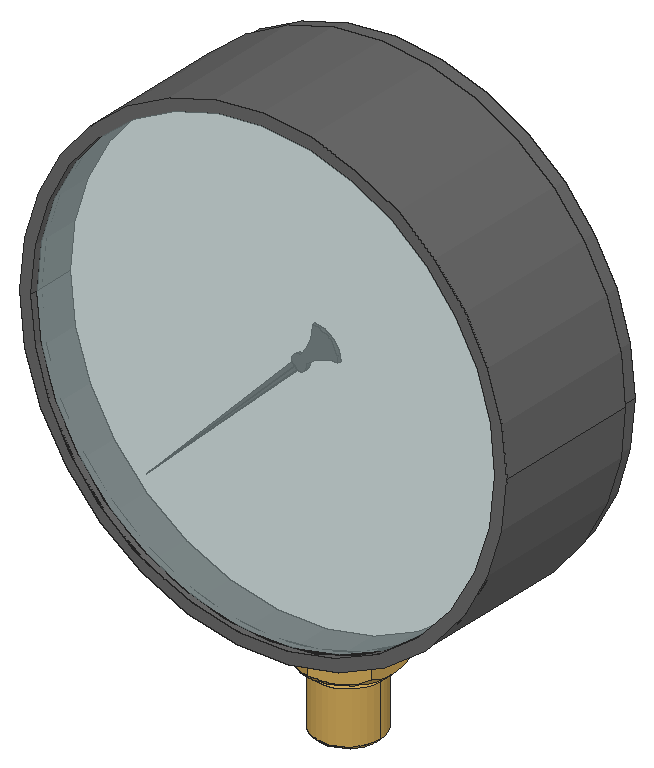
Revit family "РОСМА_МанометрТочныхИзмерений", category Арматура трубопроводов, Revit 2018
Family settings
  Размер круглого соединителя = Использовать диаметр
  Тип детали = Вставляется
  На основе рабочей плоскости = Нет
  Всегда вертикально = Да
  При загрузке вырезать с полостями = Нет
  Общий = Нет
Parameters (values of type "610")
  Техническая документация = "ТУ 4212-001-4719015564-2008; ГОСТ 2405–88"
  Температура рабочей среды = "от -30°С до +100°С"
  Температура окружающей среды = "от -60°С до +60°С"
  Kласс точности [instance] = if(Класс точности = КлассТочности01, "0,4", if(Класс точности = КлассТочности02, "0,6", if(Класс точности = КлассТочности03, "1,0", "Не определено")))  # "0,6"
  Table = "спец_МТИ"  # constant formula
  Счетчик списка [instance] = if(Диапазон давлений = Давление01, 1, if(Диапазон давлений = Давление02, 2, if(Диапазон давлений = Давление03, 3, if(Диапазон давлений = Давление04, 4, if(Диапазон давлений = Давление05, 5, if(Диапазон давлений = Давление06, 6, if(Диапазон давлений = Давление07, 7, if(Диапазон давлений = Давление08, 8, if(Диапазон давлений = Давление09, 9, if(Диапазон давлений = Давление10, 10, if(Диапазон давлений = Давление11, 11, if(Диапазон давлений = Давление12, 12, if(Диапазон давлений = Давление13, 13, if(Диапазон давлений = Давление14, 14, if(Диапазон давлений = Давление15, 15, if(Диапазон давлений = Давление16, 16, if(Диапазон давлений = Давление17, 17, if(Диапазон давлений = Давление18, 18, if(Диапазон давлений = Давление19, 19, if(Диапазон давлений = Давление20, 20, if(Диапазон давлений = Давление21, 21, if(Диапазон давлений = Давление22, 22, if(Диапазон давлений = Давление23, 23, if(Диапазон давлений = Давление24, 24, 25))))))))))))))))))))))))  # 10
  Счетчик 2списка [instance] = if(Класс точности = КлассТочности01, 1, if(Класс точности = КлассТочности02, 2, if(Класс точности = КлассТочности03, 3, 4)))  # 2
  Рабочая среда = ""
  Присоединение = "Радиальное"
  Описание = "Манометр показывающий ТМ, МТИ, точных измерений, может быть использован в качестве рабочего эталона при поверке и калибровке средств измерения давления с соблюдением требований по соответствию классов точности образцового и поверяемого приборов."
  Код IP = "IP40"
  Климатическое исполнение = "Группа В3 по ГОСТ Р 52931; климатическое исполнение УХЛ категории 3.1 по ГОСТ 15150"
  КлассТочности03 = ‎    : 1
  КлассТочности02 = ‎    : 0,6
  КлассТочности01 = ‎    : 0,4
  Класс точности [instance] = ‎    : 0,6
  Изготовитель = "ЗАО \"РОСМА\""
  Длина стрелки = 65 mm
  Диапазон рабочих температур при поверке = "от +18°С до +28°С"
  Диапазон давлений [instance] = ‎ : ТМ 0…4МПа
  Давление24 = ‎ : ТМВ -0,1…2,4МПа
  Давление23 = ‎ : ТМВ -0,1…1,5МПа
  Давление22 = ‎ : ТМВ -0,1…0,9МПа
  Давление21 = ‎ : ТМВ -0,1…0,5МПа
  Давление20 = ‎ : ТМВ -0,1…0,3МПа
  Давление19 = ‎ : ТМВ -0,1…0,15МПа
  Давление18 = ‎ : ТМВ -0,1…0,06МПа
  Давление17 = ‎ : ТМ 0…100МПа
  Давление16 = ‎ : ТМ 0…60МПа
  Давление15 = ‎ : ТМ 0…40МПа
  Давление14 = ‎ : ТМ 0…25МПа
  Давление13 = ‎ : ТМ 0…16МПа
  Давление12 = ‎ : ТМ 0…10МПа
  Давление11 = ‎ : ТМ 0…6МПа
  Давление10 = ‎ : ТМ 0…4МПа
  Давление09 = ‎ : ТМ 0…2,5МПа
  Давление08 = ‎ : ТМ 0…1,6МПа
  Давление07 = ‎ : ТМ 0…1,0МПа
  Давление06 = ‎ : ТМ 0…0,6МПа
  Давление05 = ‎ : ТМ 0…0,4МПа
  Давление04 = ‎ : ТМ 0…0,25МПа
  Давление03 = ‎ : ТМ 0…0,16МПа
  Давление02 = ‎ : ТМ 0…0,1МПа
  Давление01 = ‎ : ТМ 0…0,06МПа
  Группа модели = "Оборудование"
  Гарантийный срок = "18 месяцев"
  h = 115 mm
  f = 21 mm
  e = 15 mm
  b-e = 5 mm
  b = 51 mm
  Youtube clip = ""
  URL = "https://rosma.spb.ru/manometers/manometry_tochnykh_izmerenij/"
  S = 27 mm
  R_лого = 50 mm
  R2_шкала = 64 mm
  R1_шкала = 65 mm
  G = 20 mm
  Dполости_переднСт = 144 mm
  D2/2 = D2 / 2  # 74.5 mm
  D2 = 149 mm
  D1 = 151 mm
  D = 150 mm
  Copyright = "EPICON"  # constant formula
  Author (e-mail) = "project@epicon.biz"  # constant formula
  ADSK_Примечание [instance] = ""
  ADSK_Позиция [instance] = ""
  ADSK_Наименование [instance] = size_lookup(Table, "ADSK_Наименование", "Нет в каталоге", Счетчик 2списка)  # "Манометр ТМ, МТИ"
  ADSK_Масса_Текст [instance] = size_lookup(Table, "ADSK_Масса_Текст", "Нет в каталоге", Счетчик 2списка)  # "1,1"
  ADSK_Марка [instance] = size_lookup(Table, "ADSK_Марка", "Нет в каталоге", Счетчик 2списка, Счетчик списка)  # "ТМ-610РМТИ.00(0-4MPa)М20х1,5.0,6"
  ADSK_Количество = 1  # constant formula
  ADSK_Код изделия = ""
  ADSK_Завод-изготовитель [instance] = size_lookup(Table, "ADSK_Завод-изготовитель", "Нет в каталоге", Счетчик 2списка)  # "ЗАО \"РОСМА\""
  ADSK_Единица измерения = "шт."
Reference planes
  plane 1 "По центру (Вперед/Назад)": y = 0
  plane 2: z = 0
  plane 3 "По центру (Влево/Вправо)": x = 0
  plane 4 "f1": y = -15.6
  plane 5: z = 92.5
  plane 6 "sb": y = 11
  plane 7 "sf": y = -11
  plane 8 "низкорпуса": z = 18
  plane 9: z = 10
  plane 10: z = 2
  plane 11: z = -18
  plane 12: z = -20
Forms (mm)
  Extrusion 1, solid, material "_Латунь", detail levels fine
    sketch origin (0, 0, 18) x (-1, 0, 0) y (0, -1, 0)
      loop
        circle (0, 0) r 10
    from -18 to -36
  Sweep 2, void
    path in 3D
      loop
        arc (-10, 0, -18) -> (0, -10, -18) -> (10, 0, -18) r 10
        arc (10, 0, -18) -> (0, 10, -18) -> (-10, 0, -18) r 10
    profile origin (0, 10, -18) x (0, 1, 0) y (0, 0, -1)
      loop
        line (0, 0) -> (-1.016, 0) -> (0, -1.016) -> (0, 0)
  Extrusion 3, solid, material "_Латунь", detail levels fine
    sketch origin (0, 0, 18) x (-1, 0, 0) y (0, -1, 0)
      loop
        circle (0, 0) r 9
    from 0 to -8
  Extrusion 4, solid, material "_Латунь", detail levels fine
    sketch origin (0, 0, 18) x (-1, 0, 0) y (0, -1, 0)
      loop
        circle (0, 0) r 9
    from -18 to -16
  Extrusion 5, solid, material "_Латунь", detail levels fine
    sketch origin (0, 0, 18) x (-1, 0, 0) y (0, -1, 0)
      loop
        line (-13.5, -7.794) -> (0, -15.588) -> (13.5, -7.794) -> (13.5, 7.794) -> (0, 15.588) -> (-13.5, 7.794) -> (-13.5, -7.794)
    from -16 to -8
  Sweep 6, void
    path in 3D
      loop
        arc (-10, 0, 0) -> (0, 10, 0) -> (10, 0, 0) r 10
        arc (10, 0, 0) -> (0, -10, 0) -> (-10, 0, 0) r 10
    profile origin (0, -10, 0) x (0, -1, 0) y (0, 0, 1)
      loop
        line (0, 0) -> (-1, 0) -> (0, -1) -> (0, 0)
  Sweep 7, void
    path origin (0, 0, 18) x (-1, 0, 0) y (0, -1, 0)
      loop
        circle (0, 0) r 13.5
    profile origin (0, 13.5, 18) x (0, -1, 0) y (0, 0, 1)
      loop
        line (-2.088, -10.088) -> (0, -8) -> (-2.088, -8) -> (-2.088, -10.088)
  Sweep 8, void
    path origin (0, 0, -6) x (0, -1, 0) y (1, 0, 0)
      loop
        circle (0, 0) r 13.5
    profile origin (0, 13.5, -6) x (0, 1, 0) y (0, 0, 1)
      loop
        line (2.088, 10.088) -> (0, 8) -> (2.088, 8) -> (2.088, 10.088)
  Extrusion 9, solid, material "_Латунь", detail levels fine
    sketch origin (0, 0, 18) x (-1, 0, 0) y (0, -1, 0)
      loop
        circle (0, 0) r 4
    from -38 to -36
Cuts and joins
  Sweep 2, Sweep 6 cuts Extrusion 1
  Sweep 7, Sweep 8 cuts Extrusion 5
Lines and regions (mm)
  sketch lines
    curve 1: arc (10, 0, -18) -> (0, 10, -18) -> (-10, 0, -18) r 10
    curve 2: arc (-10, 0, -18) -> (0, -10, -18) -> (10, 0, -18) r 10
    curve 3: arc (10, 0, 0) -> (0, -10, 0) -> (-10, 0, 0) r 10
    curve 4: arc (-10, 0, 0) -> (0, 10, 0) -> (10, 0, 0) r 10
Dimensions and locks
  plane 1 "По центру (Вперед/Назад)" to plane 4 "f1" = 15.6 mm
  plane 1 "По центру (Вперед/Назад)" to plane 6 "sb" = 11 mm
  plane 7 "sf" to plane 1 "По центру (Вперед/Назад)" = 11 mm
  plane 10 to plane 2 = 2 mm
  plane 9 to plane 10 = 8 mm
  plane 8 "низкорпуса" to plane 9 = 8 mm
  plane 2 to plane 11 = 18 mm
  plane 11 to plane 12 = 2 mm
  "D2/2": plane 5 to plane 8 "низкорпуса"
  aligned and locked: level to plane 2
  aligned and locked: plane 10 to Extrusion 4
  aligned and locked: Extrusion 4 to plane 2
  aligned and locked: Extrusion 5 to plane 10
  aligned and locked: plane 9 to Extrusion 5
  aligned and locked: Extrusion 3 to plane 9
  aligned and locked: plane 8 "низкорпуса" to Extrusion 3
  aligned and locked: plane 2 to cut or joined group of Extrusion 1, Sweep 2, Sweep 6
  aligned and locked: cut or joined group of Extrusion 1, Sweep 2, Sweep 6 to plane 11
  aligned and locked: plane 11 to Extrusion 9
  aligned and locked: Extrusion 9 to plane 12
  aligned and locked: plane 5 to nested 1
  aligned and locked: plane 3 "По центру (Влево/Вправо)" to nested 1
  aligned and locked: plane 1 "По центру (Вперед/Назад)" to nested 1
  aligned and locked: plane 3 "По центру (Влево/Вправо)" to nested 5
  aligned and locked: plane 1 "По центру (Вперед/Назад)" to nested 5
Automatic sketch dimensions
  plane 1 "По центру (Вперед/Назад)" to Extrusion 1 sketch curve = 0 mm
  Extrusion 1 sketch curve to plane 3 "По центру (Влево/Вправо)" = 0 mm
  profile plane to Sweep 2 sketch curve = 0 mm
  Sweep 2 sketch curve to profile plane = 0 mm
  profile plane to Sweep 2 sketch curve = 1.016 mm
  Sweep 2 sketch curve to profile plane = 1.016 mm
  plane 1 "По центру (Вперед/Назад)" to Extrusion 3 sketch curve = 0 mm
  Extrusion 3 sketch curve to plane 3 "По центру (Влево/Вправо)" = 0 mm
  plane 1 "По центру (Вперед/Назад)" to Extrusion 4 sketch curve = 0 mm
  Extrusion 4 sketch curve to plane 3 "По центру (Влево/Вправо)" = 0 mm
  Extrusion 5 sketch curve to plane 3 "По центру (Влево/Вправо)" = 0 mm  (x2)
  Extrusion 5 sketch curve to plane 6 "sb" = 3.206 mm  (x2)
  plane 3 "По центру (Влево/Вправо)" to Extrusion 5 sketch curve = 13.5 mm
  Extrusion 5 sketch curve to plane 3 "По центру (Влево/Вправо)" = 13.5 mm
  plane 7 "sf" to Extrusion 5 sketch curve = 3.206 mm  (x2)
  plane 4 "f1" to Extrusion 5 sketch curve = 0.012 mm
  Sweep 6 sketch curve to profile plane = 0 mm  (x2)
  profile plane to Sweep 6 sketch curve = 1 mm
  Sweep 6 sketch curve to profile plane = 1 mm
  plane 1 "По центру (Вперед/Назад)" to Sweep 7 sketch curve = 0 mm
  Sweep 7 sketch curve to plane 3 "По центру (Влево/Вправо)" = 0 mm
  Sweep 7 sketch curve to profile plane = 0 mm
  profile plane to Sweep 7 sketch curve = 2.088 mm
  Sweep 7 sketch curve to plane 8 "низкорпуса" = 10.088 mm
  Sweep 7 sketch curve to Sweep 7 sketch curve = 2.088 mm
  plane 1 "По центру (Вперед/Назад)" to Sweep 8 sketch curve = 0 mm
  Sweep 8 sketch curve to plane 3 "По центру (Влево/Вправо)" = 0 mm
  Sweep 8 sketch curve to profile plane = 0 mm
  Sweep 8 sketch curve to profile plane = 2.088 mm
  profile plane to Sweep 8 sketch curve = 8 mm
  Sweep 8 sketch curve to Sweep 8 sketch curve = 2.088 mm
  plane 1 "По центру (Вперед/Назад)" to Extrusion 9 sketch curve = 0 mm
  Extrusion 9 sketch curve to plane 3 "По центру (Влево/Вправо)" = 0 mm
  plane 6 "sb" to Extrusion 5 sketch curve = 4.588 mm
  radius of Extrusion 1 sketch curve = 10 mm
  radius of Extrusion 3 sketch curve = 9 mm
  radius of Extrusion 4 sketch curve = 9 mm
  radius of Sweep 7 sketch curve = 13.5 mm
  radius of Sweep 8 sketch curve = 13.5 mm
  radius of Extrusion 9 sketch curve = 4 mm
Nested families
  nested 1: "Корпус манометра_ТИ" at (0, 0, 92.5), D1 <- "D1", D2 <- "D2", R2_шкала <- "R2_шкала", R1_шкала <- "R1_шкала", Длина стрелки <- "Длина стрелки", e <- "e", R_лого <- "R_лого", Диаметр полости <- "Dполости_переднСт", Dполости_переднСт <- "Dполости_переднСт", b-е <- "b-e", b <- "b", type "ТМ-510P", detail levels fine
    with лого_задн_стенка yes, Угол раскрытия 0.00°, Материал корпуса _Краска черная глянцевая, Длина стрелки 65 mm, Диаметр полости 144 mm, e 15 mm, b-е 5 mm, b 51 mm, R_лого 50 mm, R2_шкала 64 mm, R1_шкала 65 mm, N2_шкала 9, N1_шкала 89, Dполости_переднСт 144 mm, D2 149 mm, D1 151 mm
  nested 2: "‎" at (85.4, 50.11, 0), type "ТМ 0…4МПа"
  nested 3: "‎   " at (69.578, 43.92, 0), type "0,6"
  nested 4: "‎   " at (187.988, -512.249, 0), type "0,6"
  nested 5: "DAA_УГО_МанометрПоказывающий_ГОСТ21.208-2013" at (0, 0, 0), type "DAA_УГО_МанометрПоказывающий_ГОСТ21.208-2013", detail levels coarse+medium
Connectors
  piping at (0, 0, 0), diameter 15
    settings: on cut or joined group of Extrusion 1, Sweep 2, Sweep 6, index 1, connector inside diameter 609.6 mm, connector length 0 mm, flow factor 0, pipe flow 0.0 L/s, pressure drop 0.00 MPa, fitting loss kfactor 0, connector angle 0.00°, fixture units 0, engagement length 0 mm, angle of deflection 0.00°, flow configuration 0, flow direction 0, fitting loss method 0, system type 29, joint type 0, gender type 0, connector reference index -1, connector utility 0, adjustable connector no, is connector primary yes, connector description ""
Definition of nested family "Корпус манометра_ТИ"
  Parameters (values of type "ТМ")
    лого_задн_стенка [instance] = yes
    блокировка = 16.236 mm
    блок = 0 mm
    Угол раскрытия [instance] = 0.00°
    Description = ""
    Материал корпуса [instance] = none
    Manufacturer = ""
    Длина стрелки [instance] = 30.558 mm
    Диаметр полости [instance] = 98 mm
    Model = "Оборудование"
    e [instance] = 13.8 mm
    b-е [instance] = 5 mm
    b [instance] = 51 mm
    URL = ""
    R_лого [instance] = 21.217 mm
    N2_шкала [instance] = 0
    N1_шкала [instance] = 0
    Dполости_переднСт [instance] = 92 mm
    D2 [instance] = 98 mm
    D1 [instance] = 100 mm
    Copyright = "ЭПИКОН"  # constant formula
    Author (e-mail) = "https://epicon.biz"  # constant formula
    R2_шкала [instance] = 80 mm
    R1_шкала [instance] = 60 mm
  Types (2, lengths in mm): name | блок | Длина стрелки | Диаметр полости | Model | e | b-е | b | R_лого | N2_шкала | N1_шкала | R2_шкала | R1_шкала
    ТМ | 0 | 30.558 | 98 | "Оборудование" | 13.8 | 5 | 51 | 21.217 | 0 | 0 | 80 | 60
    ТМ-510P | 3 | 30.999 | 88 | "" | 22 | 26 | 45 | 30 | 9 | 89 | 40 | 36
  Reference planes
    plane 1 "По центру (Вперед/Назад)": y = 0
    plane 2: z = 0
    plane 3 "По центру (Влево/Вправо)": x = 0
    plane 4 "задняя стенка": y = 18.6
    plane 5 "f2": y = -32.4
    plane 6 "f1": y = -18.6
    plane 7 "стекло": y = -30.4
    plane 8 "Табло": y = -19.6
    plane 9 "sr": x = 11
    plane 10 "sl": x = -11
    plane 11 "sb": y = 11
    plane 12 "sf": y = -11
    plane 13: z = -49
    plane 14: through (-2.116, -1524, -0.789) normal (0.7071, 0, 0.7071)
    plane 15: through (0, -1524, 0) normal (0.7071, 0, -0.7071)
    plane 16: through (0, -1524, 0) normal (0.7071, 0, -0.7071)
    plane 17: through (-25.815, -1524, -20.305) normal (0.7071, 0, 0.7071)
    plane 18: y = 15.6
    plane 19 "толщина стрелки": y = -19.6
    plane 20: y = 13.6
  Forms (mm)
    Extrusion 1, void
      sketch origin (-603.868, 0, -179.968) x (1, 0, 0) y (0, 0, 1)
        loop
          circle (603.868, 179.968) r 49
      from -13.6 to 30.4
    Extrusion 2, solid, detail levels fine
      sketch origin (-355.068, -30.4, -174.854) x (-1, 0, 0) y (0, 0, 1)
        loop
          circle (-355.068, 174.854) r 49
      from 0 to 2
    Extrusion 3, solid, material <- "Материал корпуса", detail levels fine
      sketch origin (-402.089, 0, -169.881) x (1, 0, 0) y (0, 0, 1)
        loop
          circle (402.089, 169.881) r 50
      from -13.6 to 32.4
    Extrusion 4, solid, material <- "Материал корпуса", detail levels fine
      sketch origin (-312.609, 0, -285.527) x (1, 0, 0) y (0, 0, 1)
        loop
          circle (312.609, 285.527) r 49
      from -18.6 to 18.6
    Extrusion 5, solid, detail levels fine
      sketch origin (-55.684, -19.6, 0) x (-1, 0, 0) y (0, 0, 1)
        loop
          arc (-56.075, 2.339) -> (-58.877, 6.819) -> (-59.807, 12.021) r 13.923
          arc (-59.807, 12.021) -> (-65.373, 9.716) -> (-67.678, 4.15) r 7.871
          arc (-67.678, 4.15) -> (-62.461, 3.301) -> (-58.013, 0.444) r 12.998
          arc (-58.013, 0.444) -> (-54.026, -1.695) -> (-56.075, 2.339) r 2.371
      from 0 to 1
    Extrusion 6, solid
      sketch origin (0, -19.6, 0) x (-1, 0, 0) y (0, 0, 1)
        loop
          line (23.06, -23.06) -> (2.291, -0.614) -> (1.452, -1.452) -> (23.06, -23.06)
      from 0 to 1
    Extrusion 7, solid
      sketch origin (0, -19.6, 0) x (0, 0, -1) y (-1, 0, 0)
        loop
          line (23.06, 23.06) -> (1.452, 1.452) -> (2.291, 0.614) -> (23.06, 23.06)
      from 0 to 1
    Extrusion 8, void
      sketch origin (0, -19.6, 0) x (-1, 0, 0) y (0, 0, 1)
        loop
          circle (0, 0) r 46
      from -12.8 to -10.8
  Cuts and joins
    Extrusion 1, Extrusion 8 cuts Extrusion 3
  Lines and regions (mm)
    model lines, visible <- "лого_задн_стенка", not visible
      curve 1: line (97.62, 15.6, 6.514) -> (97.62, 15.6, 2.045)
      curve 2: line (97.62, 15.6, 2.045) -> (96.54, 15.6, 2.045)
      curve 3: line (96.54, 15.6, 2.045) -> (96.54, 15.6, 3.335)
      curve 4: line (96.54, 15.6, 3.335) -> (95.49, 15.6, 3.335)
      curve 5: line (95.712, 15.6, 6.514) -> (97.62, 15.6, 6.514)
      curve 6: arc (95.712, 15.6, 6.514) -> (94.35, 15.6, 5.012) -> (95.49, 15.6, 3.335) r 1.639
      curve 7: line (95.834, 15.6, 5.755) -> (96.697, 15.6, 5.755)
      curve 8: line (96.697, 15.6, 5.755) -> (96.697, 15.6, 4.198)
      curve 9: line (96.697, 15.6, 4.198) -> (95.834, 15.6, 4.198)
      curve 10: arc (95.834, 15.6, 5.755) -> (95.056, 15.6, 4.977) -> (95.834, 15.6, 4.198) r 0.779
      curve 11: circle (91.712, 15.6, 4.198) r 2.25 normal (0, -1, 0)
      curve 12: circle (91.712, 15.6, 4.198) r 1.301 normal (0, -1, 0)
      curve 13: arc (85.593, 15.6, 5.171) -> (87.99, 15.6, 4.265) -> (85.603, 15.6, 3.335) r 1.372
      curve 14: arc (84.964, 15.6, 2.754) -> (88.939, 15.6, 4.277) -> (84.964, 15.6, 5.801) r 2.28
      curve 15: line (84.964, 15.6, 5.801) -> (85.593, 15.6, 5.171)
      curve 16: line (85.603, 15.6, 3.335) -> (84.964, 15.6, 2.754)
      curve 17: line (84.167, 15.6, 2.029) -> (84.167, 15.6, 6.597)
      curve 18: line (84.167, 15.6, 6.597) -> (83.045, 15.6, 6.597)
      curve 19: line (83.045, 15.6, 6.597) -> (81.77, 15.6, 3.983)
      curve 20: line (81.77, 15.6, 3.983) -> (80.438, 15.6, 6.597)
      curve 21: line (80.438, 15.6, 6.597) -> (79.394, 15.6, 6.597)
      curve 22: line (79.394, 15.6, 6.597) -> (79.394, 15.6, 2.029)
      curve 23: line (79.394, 15.6, 2.029) -> (80.365, 15.6, 2.029)
      curve 24: line (80.365, 15.6, 2.029) -> (80.365, 15.6, 4.099)
      curve 25: line (80.365, 15.6, 4.099) -> (81.305, 15.6, 2.595)
      curve 26: line (81.305, 15.6, 2.595) -> (82.194, 15.6, 2.595)
      curve 27: line (82.194, 15.6, 2.595) -> (83.119, 15.6, 4.134)
      curve 28: line (83.119, 15.6, 4.134) -> (83.119, 15.6, 2.029)
      curve 29: line (83.119, 15.6, 2.029) -> (84.167, 15.6, 2.029)
      curve 30: line (78.906, 15.6, 2.029) -> (77.704, 15.6, 6.517)
      curve 31: line (77.704, 15.6, 6.517) -> (76.253, 15.6, 6.517)
      curve 32: line (76.253, 15.6, 6.517) -> (75.05, 15.6, 2.029)
      curve 33: line (75.05, 15.6, 2.029) -> (76.023, 15.6, 2.029)
      curve 34: line (76.023, 15.6, 2.029) -> (76.374, 15.6, 3.173)
      curve 35: line (76.374, 15.6, 3.173) -> (77.569, 15.6, 3.173)
      curve 36: line (77.569, 15.6, 3.173) -> (77.92, 15.6, 2.029)
      curve 37: line (77.92, 15.6, 2.029) -> (78.906, 15.6, 2.029)
      curve 38: line (77.47, 15.6, 4.202) -> (76.506, 15.6, 4.202)
      curve 39: line (76.506, 15.6, 4.202) -> (76.95, 15.6, 5.65)
      curve 40: line (76.95, 15.6, 5.65) -> (77.47, 15.6, 4.202)
      curve 41: arc (87.126, 15.6, 18.346) -> (89.931, 15.6, 13.899) -> (85.119, 15.6, 11.78) r 3.471
      curve 42: arc (87.164, 15.6, 20.585) -> (92.034, 15.6, 12.938) -> (83.388, 15.6, 10.21) r 5.715
      curve 43: line (83.388, 15.6, 10.21) -> (85.119, 15.6, 11.78)
      curve 44: line (87.126, 15.6, 18.346) -> (87.126, 15.6, 17.124)
      curve 45: line (87.126, 15.6, 17.124) -> (84.252, 15.6, 19.536)
      curve 46: line (84.252, 15.6, 19.536) -> (87.126, 15.6, 21.948)
      curve 47: line (87.126, 15.6, 21.948) -> (87.164, 15.6, 20.585)
      curve 48: arc (83.468, 15.6, 20.663) -> (79.577, 15.6, 17.734) -> (82.187, 15.6, 13.622) r 3.59
      curve 49: arc (82.763, 15.6, 18.317) -> (81.865, 15.6, 17.051) -> (82.819, 15.6, 15.827) r 1.3
      curve 50: line (83.468, 15.6, 20.663) -> (82.175, 15.6, 19.499)
      curve 51: line (82.175, 15.6, 19.499) -> (83.518, 15.6, 18.332)
      curve 52: line (83.518, 15.6, 18.332) -> (82.763, 15.6, 18.317)
      curve 53: line (82.819, 15.6, 15.827) -> (86.12, 15.6, 15.827)
      curve 54: line (86.12, 15.6, 15.827) -> (86.917, 15.6, 15.03)
      curve 55: line (86.917, 15.6, 15.03) -> (81.209, 15.6, 9.322)
      curve 56: line (81.209, 15.6, 9.322) -> (79.962, 15.6, 11.397)
      curve 57: line (79.962, 15.6, 11.397) -> (82.187, 15.6, 13.622)
    model lines, detail levels fine
      curve 58: line (60.033, -18.6, -60.174) -> (58.238, -18.6, -58.379)
      curve 59: line (-60.174, -18.6, -60.033) -> (-58.379, -18.6, -58.238)
      curve 60: line (63.15, -18.6, -56.894) -> (61.262, -18.6, -55.197)
      curve 61: line (66.088, -18.6, -53.453) -> (64.113, -18.6, -51.858)
      curve 62: line (68.885, -18.6, -49.797) -> (66.826, -18.6, -48.312)
      curve 63: line (71.452, -18.6, -46.038) -> (69.316, -18.6, -44.666)
      curve 64: line (73.813, -18.6, -42.148) -> (71.607, -18.6, -40.892)
      curve 65: line (75.963, -18.6, -38.137) -> (73.693, -18.6, -37)
      curve 66: line (77.896, -18.6, -34.016) -> (75.568, -18.6, -33.003)
      curve 67: line (79.605, -18.6, -29.798) -> (77.226, -18.6, -28.911)
      curve 68: line (81.086, -18.6, -25.494) -> (78.663, -18.6, -24.736)
      curve 69: line (82.334, -18.6, -21.118) -> (79.874, -18.6, -20.49)
      curve 70: line (83.346, -18.6, -16.681) -> (80.857, -18.6, -16.185)
      curve 71: line (84.12, -18.6, -12.196) -> (81.607, -18.6, -11.835)
      curve 72: line (84.652, -18.6, -7.676) -> (82.123, -18.6, -7.45)
      curve 73: line (84.941, -18.6, -3.134) -> (82.404, -18.6, -3.043)
      curve 74: line (84.987, -18.6, 1.417) -> (82.449, -18.6, 1.372)
      curve 75: line (84.79, -18.6, 5.964) -> (82.258, -18.6, 5.783)
      curve 76: line (84.349, -18.6, 10.494) -> (81.83, -18.6, 10.177)
      curve 77: line (83.666, -18.6, 14.993) -> (81.168, -18.6, 14.543)
      curve 78: line (82.744, -18.6, 19.45) -> (80.273, -18.6, 18.866)
      curve 79: line (81.584, -18.6, 23.851) -> (79.149, -18.6, 23.136)
      curve 80: line (80.191, -18.6, 28.183) -> (77.797, -18.6, 27.339)
      curve 81: line (78.567, -18.6, 32.435) -> (76.222, -18.6, 31.464)
      curve 82: line (76.718, -18.6, 36.594) -> (74.429, -18.6, 35.498)
      curve 83: line (74.65, -18.6, 40.648) -> (72.422, -18.6, 39.431)
      curve 84: line (72.367, -18.6, 44.585) -> (70.208, -18.6, 43.251)
      curve 85: line (69.877, -18.6, 48.395) -> (67.792, -18.6, 46.947)
      curve 86: line (67.187, -18.6, 52.065) -> (65.182, -18.6, 50.508)
      curve 87: line (64.304, -18.6, 55.587) -> (62.385, -18.6, 53.924)
      curve 88: line (61.236, -18.6, 58.949) -> (59.409, -18.6, 57.186)
      curve 89: line (57.993, -18.6, 62.142) -> (56.263, -18.6, 60.284)
      curve 90: line (54.584, -18.6, 65.157) -> (52.956, -18.6, 63.209)
      curve 91: line (51.018, -18.6, 67.985) -> (49.497, -18.6, 65.953)
      curve 92: line (47.306, -18.6, 70.618) -> (45.896, -18.6, 68.508)
      curve 93: line (43.459, -18.6, 73.049) -> (42.163, -18.6, 70.866)
      curve 94: line (39.486, -18.6, 75.271) -> (38.31, -18.6, 73.021)
      curve 95: line (35.401, -18.6, 77.276) -> (34.346, -18.6, 74.967)
      curve 96: line (31.214, -18.6, 79.06) -> (30.285, -18.6, 76.698)
      curve 97: line (26.938, -18.6, 80.618) -> (26.136, -18.6, 78.209)
      curve 98: line (22.584, -18.6, 81.944) -> (21.912, -18.6, 79.496)
      curve 99: line (18.166, -18.6, 83.035) -> (17.626, -18.6, 80.555)
      curve 100: line (13.695, -18.6, 83.888) -> (13.289, -18.6, 81.383)
      curve 101: line (9.186, -18.6, 84.501) -> (8.914, -18.6, 81.977)
      curve 102: line (4.65, -18.6, 84.872) -> (4.514, -18.6, 82.337)
      curve 103: line (0.1, -18.6, 84.999) -> (0.1, -18.6, 82.461)
      curve 104: line (-4.449, -18.6, 84.883) -> (-4.314, -18.6, 82.348)
      curve 105: line (-8.986, -18.6, 84.523) -> (-8.715, -18.6, 81.999)
      curve 106: line (-13.498, -18.6, 83.921) -> (-13.091, -18.6, 81.415)
      curve 107: line (-17.97, -18.6, 83.078) -> (-17.43, -18.6, 80.597)
      curve 108: line (-22.391, -18.6, 81.997) -> (-21.719, -18.6, 79.549)
      curve 109: line (-26.748, -18.6, 80.681) -> (-25.946, -18.6, 78.272)
      curve 110: line (-31.028, -18.6, 79.134) -> (-30.098, -18.6, 76.771)
      curve 111: line (-35.219, -18.6, 77.359) -> (-34.164, -18.6, 75.05)
      curve 112: line (-39.309, -18.6, 75.363) -> (-38.132, -18.6, 73.114)
      curve 113: line (-43.286, -18.6, 73.151) -> (-41.991, -18.6, 70.968)
      curve 114: line (-47.14, -18.6, 70.73) -> (-45.729, -18.6, 68.619)
      curve 115: line (-50.858, -18.6, 68.105) -> (-49.337, -18.6, 66.073)
      curve 116: line (-54.43, -18.6, 65.285) -> (-52.802, -18.6, 63.338)
      curve 117: line (-57.847, -18.6, 62.279) -> (-56.117, -18.6, 60.421)
      curve 118: line (-61.097, -18.6, 59.093) -> (-59.27, -18.6, 57.33)
      curve 119: line (-64.172, -18.6, 55.738) -> (-62.254, -18.6, 54.076)
      curve 120: line (-67.064, -18.6, 52.224) -> (-65.059, -18.6, 50.666)
      curve 121: line (-69.763, -18.6, 48.559) -> (-67.678, -18.6, 47.111)
      curve 122: line (-72.262, -18.6, 44.756) -> (-70.102, -18.6, 43.421)
      curve 123: line (-74.554, -18.6, 40.824) -> (-72.326, -18.6, 39.607)
      curve 124: line (-76.632, -18.6, 36.775) -> (-74.342, -18.6, 35.679)
      curve 125: line (-78.491, -18.6, 32.62) -> (-76.145, -18.6, 31.649)
      curve 126: line (-80.124, -18.6, 28.372) -> (-77.73, -18.6, 27.528)
      curve 127: line (-81.528, -18.6, 24.043) -> (-79.092, -18.6, 23.328)
      curve 128: line (-82.698, -18.6, 19.645) -> (-80.227, -18.6, 19.061)
      curve 129: line (-83.631, -18.6, 15.19) -> (-81.133, -18.6, 14.74)
      curve 130: line (-84.324, -18.6, 10.692) -> (-81.805, -18.6, 10.376)
      curve 131: line (-84.775, -18.6, 6.164) -> (-82.243, -18.6, 5.983)
      curve 132: line (-84.984, -18.6, 1.617) -> (-82.446, -18.6, 1.572)
      curve 133: line (-84.948, -18.6, -2.934) -> (-82.412, -18.6, -2.843)
      curve 134: line (-84.67, -18.6, -7.476) -> (-82.141, -18.6, -7.25)
      curve 135: line (-84.148, -18.6, -11.997) -> (-81.635, -18.6, -11.636)
      curve 136: line (-83.385, -18.6, -16.484) -> (-80.896, -18.6, -15.989)
      curve 137: line (-82.383, -18.6, -20.924) -> (-79.924, -18.6, -20.296)
      curve 138: line (-81.145, -18.6, -25.303) -> (-78.723, -18.6, -24.545)
      curve 139: line (-79.675, -18.6, -29.61) -> (-77.296, -18.6, -28.723)
      curve 140: line (-77.976, -18.6, -33.832) -> (-75.648, -18.6, -32.819)
      curve 141: line (-76.053, -18.6, -37.957) -> (-73.783, -18.6, -36.821)
      curve 142: line (-73.912, -18.6, -41.974) -> (-71.707, -18.6, -40.718)
      curve 143: line (-71.56, -18.6, -45.87) -> (-69.424, -18.6, -44.497)
      curve 144: line (-69.002, -18.6, -49.634) -> (-66.943, -18.6, -48.149)
      curve 145: line (-66.247, -18.6, -53.256) -> (-64.27, -18.6, -51.663)
      curve 146: line (-63.301, -18.6, -56.726) -> (-61.413, -18.6, -55.029)
      curve 147: line (43.52, -18.6, -43.52) -> (41.332, -18.6, -41.332)
      curve 148: line (-43.52, -18.6, -43.52) -> (-41.332, -18.6, -41.332)
      curve 149: line (60.365, -18.6, -12.007) -> (57.33, -18.6, -11.404)
      curve 150: line (56.862, -18.6, 23.553) -> (54.003, -18.6, 22.369)
      curve 151: line (34.194, -18.6, 51.175) -> (32.475, -18.6, 48.602)
      curve 152: line (0, -18.6, 61.547) -> (0, -18.6, 58.453)
      curve 153: line (-34.194, -18.6, 51.175) -> (-32.475, -18.6, 48.602)
      curve 154: line (-56.862, -18.6, 23.553) -> (-54.003, -18.6, 22.369)
      curve 155: line (-60.365, -18.6, -12.007) -> (-57.33, -18.6, -11.404)
    model lines, not visible, detail levels fine
      curve 156: line (248.297, -16.6, -114.05) -> (246.109, -16.6, -111.861)
      curve 157: line (264.809, -16.6, -130.703) -> (263.014, -16.6, -128.908)
      curve 217: line (60.033, -16.6, -60.174) -> (58.238, -16.6, -58.379)
      curve 218: line (-60.174, -16.6, -60.033) -> (-58.379, -16.6, -58.238)
      curve 219: line (63.15, -16.6, -56.894) -> (61.262, -16.6, -55.197)
      curve 220: line (66.088, -16.6, -53.453) -> (64.113, -16.6, -51.858)
      curve 221: line (68.885, -16.6, -49.797) -> (66.826, -16.6, -48.312)
      curve 222: line (71.452, -16.6, -46.038) -> (69.316, -16.6, -44.666)
      curve 223: line (73.813, -16.6, -42.148) -> (71.607, -16.6, -40.892)
      curve 224: line (75.963, -16.6, -38.137) -> (73.693, -16.6, -37)
      curve 225: line (77.896, -16.6, -34.016) -> (75.568, -16.6, -33.003)
      curve 226: line (79.605, -16.6, -29.798) -> (77.226, -16.6, -28.911)
      curve 227: line (81.086, -16.6, -25.494) -> (78.663, -16.6, -24.736)
      curve 228: line (82.334, -16.6, -21.118) -> (79.874, -16.6, -20.49)
      curve 229: line (83.346, -16.6, -16.681) -> (80.857, -16.6, -16.185)
      curve 230: line (84.12, -16.6, -12.196) -> (81.607, -16.6, -11.835)
      curve 231: line (84.652, -16.6, -7.676) -> (82.123, -16.6, -7.45)
      curve 232: line (84.941, -16.6, -3.134) -> (82.404, -16.6, -3.043)
      curve 233: line (84.987, -16.6, 1.417) -> (82.449, -16.6, 1.372)
      curve 234: line (84.79, -16.6, 5.964) -> (82.258, -16.6, 5.783)
      curve 235: line (84.349, -16.6, 10.494) -> (81.83, -16.6, 10.177)
      curve 236: line (83.666, -16.6, 14.993) -> (81.168, -16.6, 14.543)
      curve 237: line (82.744, -16.6, 19.45) -> (80.273, -16.6, 18.866)
      curve 238: line (81.584, -16.6, 23.851) -> (79.149, -16.6, 23.136)
      curve 239: line (80.191, -16.6, 28.183) -> (77.797, -16.6, 27.339)
      curve 240: line (78.567, -16.6, 32.435) -> (76.222, -16.6, 31.464)
      curve 241: line (76.718, -16.6, 36.594) -> (74.429, -16.6, 35.498)
      curve 242: line (74.65, -16.6, 40.648) -> (72.422, -16.6, 39.431)
      curve 243: line (72.367, -16.6, 44.585) -> (70.208, -16.6, 43.251)
      curve 244: line (69.877, -16.6, 48.395) -> (67.792, -16.6, 46.947)
      curve 245: line (67.187, -16.6, 52.065) -> (65.182, -16.6, 50.508)
      curve 246: line (64.304, -16.6, 55.587) -> (62.385, -16.6, 53.924)
      curve 247: line (61.236, -16.6, 58.949) -> (59.409, -16.6, 57.186)
      curve 248: line (57.993, -16.6, 62.142) -> (56.263, -16.6, 60.284)
      curve 249: line (54.584, -16.6, 65.157) -> (52.956, -16.6, 63.209)
      curve 250: line (51.018, -16.6, 67.985) -> (49.497, -16.6, 65.953)
      curve 251: line (47.306, -16.6, 70.618) -> (45.896, -16.6, 68.508)
      curve 252: line (43.459, -16.6, 73.049) -> (42.163, -16.6, 70.866)
      curve 253: line (39.486, -16.6, 75.271) -> (38.31, -16.6, 73.021)
      curve 254: line (35.401, -16.6, 77.276) -> (34.346, -16.6, 74.967)
      curve 255: line (31.214, -16.6, 79.06) -> (30.285, -16.6, 76.698)
      curve 256: line (26.938, -16.6, 80.618) -> (26.136, -16.6, 78.209)
      curve 257: line (22.584, -16.6, 81.944) -> (21.912, -16.6, 79.496)
      curve 258: line (18.166, -16.6, 83.035) -> (17.626, -16.6, 80.555)
      curve 259: line (13.695, -16.6, 83.888) -> (13.289, -16.6, 81.383)
      curve 260: line (9.186, -16.6, 84.501) -> (8.914, -16.6, 81.977)
      curve 261: line (4.65, -16.6, 84.872) -> (4.514, -16.6, 82.337)
      curve 262: line (0.1, -16.6, 84.999) -> (0.1, -16.6, 82.461)
      curve 263: line (-4.449, -16.6, 84.883) -> (-4.314, -16.6, 82.348)
      curve 264: line (-8.986, -16.6, 84.523) -> (-8.715, -16.6, 81.999)
      curve 265: line (-13.498, -16.6, 83.921) -> (-13.091, -16.6, 81.415)
      curve 266: line (-17.97, -16.6, 83.078) -> (-17.43, -16.6, 80.597)
      curve 267: line (-22.391, -16.6, 81.997) -> (-21.719, -16.6, 79.549)
      curve 268: line (-26.748, -16.6, 80.681) -> (-25.946, -16.6, 78.272)
      curve 269: line (-31.028, -16.6, 79.134) -> (-30.098, -16.6, 76.771)
      curve 270: line (-35.219, -16.6, 77.359) -> (-34.164, -16.6, 75.05)
      curve 271: line (-39.309, -16.6, 75.363) -> (-38.132, -16.6, 73.114)
      curve 272: line (-43.286, -16.6, 73.151) -> (-41.991, -16.6, 70.968)
      curve 273: line (-47.14, -16.6, 70.73) -> (-45.729, -16.6, 68.619)
      curve 274: line (-50.858, -16.6, 68.105) -> (-49.337, -16.6, 66.073)
      curve 275: line (-54.43, -16.6, 65.285) -> (-52.802, -16.6, 63.338)
      curve 276: line (-57.847, -16.6, 62.279) -> (-56.117, -16.6, 60.421)
      curve 277: line (-61.097, -16.6, 59.093) -> (-59.27, -16.6, 57.33)
      curve 278: line (-64.172, -16.6, 55.738) -> (-62.254, -16.6, 54.076)
      curve 279: line (-67.064, -16.6, 52.224) -> (-65.059, -16.6, 50.666)
      curve 280: line (-69.763, -16.6, 48.559) -> (-67.678, -16.6, 47.111)
      curve 281: line (-72.262, -16.6, 44.756) -> (-70.102, -16.6, 43.421)
      curve 282: line (-74.554, -16.6, 40.824) -> (-72.326, -16.6, 39.607)
      curve 283: line (-76.632, -16.6, 36.775) -> (-74.342, -16.6, 35.679)
      curve 284: line (-78.491, -16.6, 32.62) -> (-76.145, -16.6, 31.649)
      curve 285: line (-80.124, -16.6, 28.372) -> (-77.73, -16.6, 27.528)
      curve 286: line (-81.528, -16.6, 24.043) -> (-79.092, -16.6, 23.328)
      curve 287: line (-82.698, -16.6, 19.645) -> (-80.227, -16.6, 19.061)
      curve 288: line (-83.631, -16.6, 15.19) -> (-81.133, -16.6, 14.74)
      curve 289: line (-84.324, -16.6, 10.692) -> (-81.805, -16.6, 10.376)
      curve 290: line (-84.775, -16.6, 6.164) -> (-82.243, -16.6, 5.983)
      curve 291: line (-84.984, -16.6, 1.617) -> (-82.446, -16.6, 1.572)
      curve 292: line (-84.948, -16.6, -2.934) -> (-82.412, -16.6, -2.843)
      curve 293: line (-84.67, -16.6, -7.476) -> (-82.141, -16.6, -7.25)
      curve 294: line (-84.148, -16.6, -11.997) -> (-81.635, -16.6, -11.636)
      curve 295: line (-83.385, -16.6, -16.484) -> (-80.896, -16.6, -15.989)
      curve 296: line (-82.383, -16.6, -20.924) -> (-79.924, -16.6, -20.296)
      curve 297: line (-81.145, -16.6, -25.303) -> (-78.723, -16.6, -24.545)
      curve 298: line (-79.675, -16.6, -29.61) -> (-77.296, -16.6, -28.723)
      curve 299: line (-77.976, -16.6, -33.832) -> (-75.648, -16.6, -32.819)
      curve 300: line (-76.053, -16.6, -37.957) -> (-73.783, -16.6, -36.821)
      curve 301: line (-73.912, -16.6, -41.974) -> (-71.707, -16.6, -40.718)
      curve 302: line (-71.56, -16.6, -45.87) -> (-69.424, -16.6, -44.497)
      curve 303: line (-69.002, -16.6, -49.634) -> (-66.943, -16.6, -48.149)
      curve 304: line (-66.247, -16.6, -53.256) -> (-64.27, -16.6, -51.663)
      curve 305: line (-63.301, -16.6, -56.726) -> (-61.413, -16.6, -55.029)
      curve 306: line (43.52, -16.6, -43.52) -> (41.332, -16.6, -41.332)
      curve 307: line (-43.52, -16.6, -43.52) -> (-41.332, -16.6, -41.332)
      curve 308: line (60.365, -16.6, -12.007) -> (57.33, -16.6, -11.404)
      curve 309: line (56.862, -16.6, 23.553) -> (54.003, -16.6, 22.369)
      curve 310: line (34.194, -16.6, 51.175) -> (32.475, -16.6, 48.602)
      curve 311: line (0, -16.6, 61.547) -> (0, -16.6, 58.453)
      curve 312: line (-34.194, -16.6, 51.175) -> (-32.475, -16.6, 48.602)
      curve 313: line (-56.862, -16.6, 23.553) -> (-54.003, -16.6, 22.369)
      curve 314: line (-60.365, -16.6, -12.007) -> (-57.33, -16.6, -11.404)
    reference lines
      curve 158: line (-90.176, -19.6, 0) -> (118.621, -19.6, 0)
      curve 159: line (0, -19.6, 0) -> (-27.519, -19.6, -27.519)
      curve 315: line (-7.451, -18.6, 22) -> (6.301, -18.6, 22)
    model lines, visible <- "лого_задн_стенка"
      curve 160: line (10.608, 18.6, -16.198) -> (10.608, 18.6, -20.667)
      curve 161: line (10.608, 18.6, -20.667) -> (9.529, 18.6, -20.667)
      curve 162: line (9.529, 18.6, -20.667) -> (9.529, 18.6, -19.376)
      curve 163: line (9.529, 18.6, -19.376) -> (8.478, 18.6, -19.376)
      curve 164: line (8.7, 18.6, -16.198) -> (10.608, 18.6, -16.198)
      curve 165: arc (8.7, 18.6, -16.198) -> (7.338, 18.6, -17.7) -> (8.478, 18.6, -19.376) r 1.639
      curve 166: line (8.823, 18.6, -16.956) -> (9.685, 18.6, -16.956)
      curve 167: line (9.685, 18.6, -16.956) -> (9.685, 18.6, -18.514)
      curve 168: line (9.685, 18.6, -18.514) -> (8.823, 18.6, -18.514)
      curve 169: arc (8.823, 18.6, -16.956) -> (8.044, 18.6, -17.735) -> (8.823, 18.6, -18.514) r 0.779
      curve 170: circle (4.701, 18.6, -18.514) r 2.25 normal (0, -1, 0)
      curve 171: circle (4.701, 18.6, -18.514) r 1.301 normal (0, -1, 0)
      curve 172: arc (-1.418, 18.6, -17.541) -> (0.978, 18.6, -18.446) -> (-1.408, 18.6, -19.376) r 1.372
      curve 173: arc (-2.048, 18.6, -19.958) -> (1.928, 18.6, -18.434) -> (-2.048, 18.6, -16.911) r 2.28
      curve 174: line (-2.048, 18.6, -16.911) -> (-1.418, 18.6, -17.541)
      curve 175: line (-1.408, 18.6, -19.376) -> (-2.048, 18.6, -19.958)
      curve 176: line (-2.845, 18.6, -20.683) -> (-2.845, 18.6, -16.114)
      curve 177: line (-2.845, 18.6, -16.114) -> (-3.966, 18.6, -16.114)
      curve 178: line (-3.966, 18.6, -16.114) -> (-5.242, 18.6, -18.729)
      curve 179: line (-5.242, 18.6, -18.729) -> (-6.574, 18.6, -16.114)
      curve 180: line (-6.574, 18.6, -16.114) -> (-7.617, 18.6, -16.114)
      curve 181: line (-7.617, 18.6, -16.114) -> (-7.617, 18.6, -20.683)
      curve 182: line (-7.617, 18.6, -20.683) -> (-6.646, 18.6, -20.683)
      curve 183: line (-6.646, 18.6, -20.683) -> (-6.646, 18.6, -18.613)
      curve 184: line (-6.646, 18.6, -18.613) -> (-5.706, 18.6, -20.117)
      curve 185: line (-5.706, 18.6, -20.117) -> (-4.818, 18.6, -20.117)
      curve 186: line (-4.818, 18.6, -20.117) -> (-3.893, 18.6, -18.577)
      curve 187: line (-3.893, 18.6, -18.577) -> (-3.893, 18.6, -20.683)
      curve 188: line (-3.893, 18.6, -20.683) -> (-2.845, 18.6, -20.683)
      curve 189: line (-8.105, 18.6, -20.683) -> (-9.307, 18.6, -16.195)
      curve 190: line (-9.307, 18.6, -16.195) -> (-10.758, 18.6, -16.195)
      curve 191: line (-10.758, 18.6, -16.195) -> (-11.961, 18.6, -20.683)
      curve 192: line (-11.961, 18.6, -20.683) -> (-10.989, 18.6, -20.683)
      curve 193: line (-10.989, 18.6, -20.683) -> (-10.638, 18.6, -19.538)
      curve 194: line (-10.638, 18.6, -19.538) -> (-9.443, 18.6, -19.538)
      curve 195: line (-9.443, 18.6, -19.538) -> (-9.092, 18.6, -20.683)
      curve 196: line (-9.092, 18.6, -20.683) -> (-8.105, 18.6, -20.683)
      curve 197: line (-9.541, 18.6, -18.509) -> (-10.505, 18.6, -18.509)
      curve 198: line (-10.505, 18.6, -18.509) -> (-10.061, 18.6, -17.061)
      curve 199: line (-10.061, 18.6, -17.061) -> (-9.541, 18.6, -18.509)
      curve 200: arc (0.115, 18.6, -4.365) -> (2.92, 18.6, -8.813) -> (-1.893, 18.6, -10.931) r 3.471
      curve 201: arc (0.152, 18.6, -2.127) -> (5.022, 18.6, -9.774) -> (-3.624, 18.6, -12.502) r 5.715
      curve 202: line (-3.624, 18.6, -12.502) -> (-1.893, 18.6, -10.931)
      curve 203: line (0.115, 18.6, -4.365) -> (0.115, 18.6, -5.587)
      curve 204: line (0.115, 18.6, -5.587) -> (-2.76, 18.6, -3.175)
      curve 205: line (-2.76, 18.6, -3.175) -> (0.115, 18.6, -0.763)
      curve 206: line (0.115, 18.6, -0.763) -> (0.152, 18.6, -2.127)
      curve 207: arc (-3.543, 18.6, -2.048) -> (-7.434, 18.6, -4.977) -> (-4.825, 18.6, -9.089) r 3.59
      curve 208: arc (-4.249, 18.6, -4.394) -> (-5.147, 18.6, -5.66) -> (-4.193, 18.6, -6.884) r 1.3
      curve 209: line (-3.543, 18.6, -2.048) -> (-4.836, 18.6, -3.212)
      curve 210: line (-4.836, 18.6, -3.212) -> (-3.493, 18.6, -4.38)
      curve 211: line (-3.493, 18.6, -4.38) -> (-4.249, 18.6, -4.394)
      curve 212: line (-4.193, 18.6, -6.884) -> (-0.891, 18.6, -6.884)
      curve 213: line (-0.891, 18.6, -6.884) -> (-0.094, 18.6, -7.681)
      curve 214: line (-0.094, 18.6, -7.681) -> (-5.803, 18.6, -13.39)
      curve 215: line (-5.803, 18.6, -13.39) -> (-7.05, 18.6, -11.314)
      curve 216: line (-7.05, 18.6, -11.314) -> (-4.825, 18.6, -9.089)
    reference lines, not visible
      curve 316: line (-7.451, -16.6, 22) -> (6.301, -16.6, 22)
    model lines
      curve 317: line (-10.493, -18.6, -30.53) -> (-10.493, -18.6, -34.999)
      curve 318: line (-10.493, -18.6, -34.999) -> (-9.414, -18.6, -34.999)
      curve 319: line (-9.414, -18.6, -34.999) -> (-9.414, -18.6, -33.709)
      curve 320: line (-9.414, -18.6, -33.709) -> (-8.364, -18.6, -33.709)
      curve 321: line (-8.586, -18.6, -30.53) -> (-10.493, -18.6, -30.53)
      curve 322: arc (-8.586, -18.6, -30.53) -> (-7.224, -18.6, -32.032) -> (-8.364, -18.6, -33.709) r 1.639
      curve 323: line (-8.708, -18.6, -31.289) -> (-9.571, -18.6, -31.289)
      curve 324: line (-9.571, -18.6, -31.289) -> (-9.571, -18.6, -32.846)
      curve 325: line (-9.571, -18.6, -32.846) -> (-8.708, -18.6, -32.846)
      curve 326: arc (-8.708, -18.6, -31.289) -> (-7.929, -18.6, -32.067) -> (-8.708, -18.6, -32.846) r 0.779
      curve 327: circle (-4.586, -18.6, -32.846) r 2.25 normal (0, 1, 0)
      curve 328: circle (-4.586, -18.6, -32.846) r 1.301 normal (0, 1, 0)
      curve 329: arc (1.533, -18.6, -31.873) -> (-0.864, -18.6, -32.779) -> (1.523, -18.6, -33.709) r 1.372
      curve 330: arc (2.162, -18.6, -34.29) -> (-1.813, -18.6, -32.767) -> (2.162, -18.6, -31.243) r 2.28
      curve 331: line (2.162, -18.6, -31.243) -> (1.533, -18.6, -31.873)
      curve 332: line (1.523, -18.6, -33.709) -> (2.162, -18.6, -34.29)
      curve 333: line (2.959, -18.6, -35.015) -> (2.959, -18.6, -30.447)
      curve 334: line (2.959, -18.6, -30.447) -> (4.081, -18.6, -30.447)
      curve 335: line (4.081, -18.6, -30.447) -> (5.356, -18.6, -33.061)
      curve 336: line (5.356, -18.6, -33.061) -> (6.688, -18.6, -30.447)
      curve 337: line (6.688, -18.6, -30.447) -> (7.732, -18.6, -30.447)
      curve 338: line (7.732, -18.6, -30.447) -> (7.732, -18.6, -35.015)
      curve 339: line (7.732, -18.6, -35.015) -> (6.761, -18.6, -35.015)
      curve 340: line (6.761, -18.6, -35.015) -> (6.761, -18.6, -32.945)
      curve 341: line (6.761, -18.6, -32.945) -> (5.821, -18.6, -34.449)
      curve 342: line (5.821, -18.6, -34.449) -> (4.932, -18.6, -34.449)
      curve 343: line (4.932, -18.6, -34.449) -> (4.007, -18.6, -32.91)
      curve 344: line (4.007, -18.6, -32.91) -> (4.007, -18.6, -35.015)
      curve 345: line (4.007, -18.6, -35.015) -> (2.959, -18.6, -35.015)
      curve 346: line (8.22, -18.6, -35.015) -> (9.422, -18.6, -30.527)
      curve 347: line (9.422, -18.6, -30.527) -> (10.873, -18.6, -30.527)
      curve 348: line (10.873, -18.6, -30.527) -> (12.076, -18.6, -35.015)
      curve 349: line (12.076, -18.6, -35.015) -> (11.103, -18.6, -35.015)
      curve 350: line (11.103, -18.6, -35.015) -> (10.752, -18.6, -33.871)
      curve 351: line (10.752, -18.6, -33.871) -> (9.557, -18.6, -33.871)
      curve 352: line (9.557, -18.6, -33.871) -> (9.206, -18.6, -35.015)
      curve 353: line (9.206, -18.6, -35.015) -> (8.22, -18.6, -35.015)
      curve 354: line (9.656, -18.6, -32.842) -> (10.62, -18.6, -32.842)
      curve 355: line (10.62, -18.6, -32.842) -> (10.176, -18.6, -31.394)
      curve 356: line (10.176, -18.6, -31.394) -> (9.656, -18.6, -32.842)
      curve 357: arc (0, -18.6, -18.698) -> (-2.805, -18.6, -23.145) -> (2.007, -18.6, -25.264) r 3.471
      curve 358: arc (-0.038, -18.6, -16.459) -> (-4.908, -18.6, -24.106) -> (3.738, -18.6, -26.834) r 5.715
      curve 359: line (3.738, -18.6, -26.834) -> (2.007, -18.6, -25.264)
      curve 360: line (0, -18.6, -18.698) -> (0, -18.6, -19.92)
      curve 361: line (0, -18.6, -19.92) -> (2.874, -18.6, -17.508)
      curve 362: line (2.874, -18.6, -17.508) -> (0, -18.6, -15.096)
      curve 363: line (0, -18.6, -15.096) -> (-0.038, -18.6, -16.459)
      curve 364: arc (3.658, -18.6, -16.381) -> (7.549, -18.6, -19.31) -> (4.939, -18.6, -23.422) r 3.59
      curve 365: arc (4.363, -18.6, -18.727) -> (5.261, -18.6, -19.993) -> (4.307, -18.6, -21.217) r 1.3
      curve 366: line (3.658, -18.6, -16.381) -> (4.951, -18.6, -17.545)
      curve 367: line (4.951, -18.6, -17.545) -> (3.608, -18.6, -18.713)
      curve 368: line (3.608, -18.6, -18.713) -> (4.363, -18.6, -18.727)
      curve 369: line (4.307, -18.6, -21.217) -> (1.006, -18.6, -21.217)
      curve 370: line (1.006, -18.6, -21.217) -> (0.209, -18.6, -22.014)
      curve 371: line (0.209, -18.6, -22.014) -> (5.917, -18.6, -27.722)
      curve 372: line (5.917, -18.6, -27.722) -> (7.164, -18.6, -25.647)
      curve 373: line (7.164, -18.6, -25.647) -> (4.939, -18.6, -23.422)
    model lines, not visible
      curve 374: line (-115.377, -15.6, -29.501) -> (-115.377, -15.6, -33.97)
      curve 375: line (-115.377, -15.6, -33.97) -> (-114.298, -15.6, -33.97)
      curve 376: line (-114.298, -15.6, -33.97) -> (-114.298, -15.6, -32.68)
      curve 377: line (-114.298, -15.6, -32.68) -> (-113.247, -15.6, -32.68)
      curve 378: line (-113.469, -15.6, -29.501) -> (-115.377, -15.6, -29.501)
      curve 379: arc (-113.469, -15.6, -29.501) -> (-112.107, -15.6, -31.003) -> (-113.247, -15.6, -32.68) r 1.639
      curve 380: line (-113.592, -15.6, -30.26) -> (-114.454, -15.6, -30.26)
      curve 381: line (-114.454, -15.6, -30.26) -> (-114.454, -15.6, -31.817)
      curve 382: line (-114.454, -15.6, -31.817) -> (-113.592, -15.6, -31.817)
      curve 383: arc (-113.592, -15.6, -30.26) -> (-112.813, -15.6, -31.038) -> (-113.592, -15.6, -31.817) r 0.779
      curve 384: circle (-109.469, -15.6, -31.817) r 2.25 normal (0, 1, 0)
      curve 385: circle (-109.469, -15.6, -31.817) r 1.301 normal (0, 1, 0)
      curve 386: arc (-103.351, -15.6, -30.844) -> (-105.747, -15.6, -31.75) -> (-103.36, -15.6, -32.68) r 1.372
      curve 387: arc (-102.721, -15.6, -33.261) -> (-106.697, -15.6, -31.738) -> (-102.721, -15.6, -30.214) r 2.28
      curve 388: line (-102.721, -15.6, -30.214) -> (-103.351, -15.6, -30.844)
      curve 389: line (-103.36, -15.6, -32.68) -> (-102.721, -15.6, -33.261)
      curve 390: line (-101.924, -15.6, -33.986) -> (-101.924, -15.6, -29.418)
      curve 391: line (-101.924, -15.6, -29.418) -> (-100.803, -15.6, -29.418)
      curve 392: line (-100.803, -15.6, -29.418) -> (-99.527, -15.6, -32.032)
      curve 393: line (-99.527, -15.6, -32.032) -> (-98.195, -15.6, -29.418)
      curve 394: line (-98.195, -15.6, -29.418) -> (-97.152, -15.6, -29.418)
      curve 395: line (-97.152, -15.6, -29.418) -> (-97.152, -15.6, -33.986)
      curve 396: line (-97.152, -15.6, -33.986) -> (-98.123, -15.6, -33.986)
      curve 397: line (-98.123, -15.6, -33.986) -> (-98.123, -15.6, -31.916)
      curve 398: line (-98.123, -15.6, -31.916) -> (-99.063, -15.6, -33.42)
      curve 399: line (-99.063, -15.6, -33.42) -> (-99.951, -15.6, -33.42)
      curve 400: line (-99.951, -15.6, -33.42) -> (-100.876, -15.6, -31.881)
      curve 401: line (-100.876, -15.6, -31.881) -> (-100.876, -15.6, -33.986)
      curve 402: line (-100.876, -15.6, -33.986) -> (-101.924, -15.6, -33.986)
      curve 403: line (-96.664, -15.6, -33.986) -> (-95.461, -15.6, -29.498)
      curve 404: line (-95.461, -15.6, -29.498) -> (-94.01, -15.6, -29.498)
      curve 405: line (-94.01, -15.6, -29.498) -> (-92.808, -15.6, -33.986)
      curve 406: line (-92.808, -15.6, -33.986) -> (-93.78, -15.6, -33.986)
      curve 407: line (-93.78, -15.6, -33.986) -> (-94.131, -15.6, -32.842)
      curve 408: line (-94.131, -15.6, -32.842) -> (-95.326, -15.6, -32.842)
      curve 409: line (-95.326, -15.6, -32.842) -> (-95.677, -15.6, -33.986)
      curve 410: line (-95.677, -15.6, -33.986) -> (-96.664, -15.6, -33.986)
      curve 411: line (-95.228, -15.6, -31.813) -> (-94.264, -15.6, -31.813)
      curve 412: line (-94.264, -15.6, -31.813) -> (-94.708, -15.6, -30.365)
      curve 413: line (-94.708, -15.6, -30.365) -> (-95.228, -15.6, -31.813)
      curve 414: arc (-104.884, -15.6, -17.669) -> (-107.689, -15.6, -22.116) -> (-102.876, -15.6, -24.235) r 3.471
      curve 415: arc (-104.921, -15.6, -15.43) -> (-109.791, -15.6, -23.077) -> (-101.145, -15.6, -25.805) r 5.715
      curve 416: line (-101.145, -15.6, -25.805) -> (-102.876, -15.6, -24.235)
      curve 417: line (-104.884, -15.6, -17.669) -> (-104.884, -15.6, -18.891)
      curve 418: line (-104.884, -15.6, -18.891) -> (-102.009, -15.6, -16.479)
      curve 419: line (-102.009, -15.6, -16.479) -> (-104.884, -15.6, -14.067)
      curve 420: line (-104.884, -15.6, -14.067) -> (-104.921, -15.6, -15.43)
      curve 421: arc (-101.226, -15.6, -15.352) -> (-97.335, -15.6, -18.281) -> (-99.944, -15.6, -22.393) r 3.59
      curve 422: arc (-100.52, -15.6, -17.698) -> (-99.622, -15.6, -18.964) -> (-100.576, -15.6, -20.188) r 1.3
      curve 423: line (-101.226, -15.6, -15.352) -> (-99.933, -15.6, -16.516)
      curve 424: line (-99.933, -15.6, -16.516) -> (-101.276, -15.6, -17.683)
      curve 425: line (-101.276, -15.6, -17.683) -> (-100.52, -15.6, -17.698)
      curve 426: line (-100.576, -15.6, -20.188) -> (-103.878, -15.6, -20.188)
      curve 427: line (-103.878, -15.6, -20.188) -> (-104.675, -15.6, -20.985)
      curve 428: line (-104.675, -15.6, -20.985) -> (-98.966, -15.6, -26.693)
      curve 429: line (-98.966, -15.6, -26.693) -> (-97.719, -15.6, -24.618)
      curve 430: line (-97.719, -15.6, -24.618) -> (-99.944, -15.6, -22.393)
  Dimensions and locks
    plane 5 "f2" to plane 1 "По центру (Вперед/Назад)" = 32.4 mm
    plane 1 "По центру (Вперед/Назад)" to plane 6 "f1" = 18.6 mm
    plane 4 "задняя стенка" to plane 1 "По центру (Вперед/Назад)" = 18.6 mm
    plane 7 "стекло" to plane 5 "f2" = 2 mm
    locked: plane 6 "f1" to plane 8 "Табло" at 1
    plane 3 "По центру (Влево/Вправо)" to plane 9 "sr" = 11 mm
    plane 10 "sl" to plane 3 "По центру (Влево/Вправо)" = 11 mm
    plane 1 "По центру (Вперед/Назад)" to plane 11 "sb" = 11 mm
    plane 12 "sf" to plane 1 "По центру (Вперед/Назад)" = 11 mm
    "Длина стрелки": plane 14 to plane 17
    locked: Extrusion 6 to Extrusion 6 at 1.185
    locked: Extrusion 7 to Extrusion 7 at 1.185
    Extrusion 2 to plane 7 "стекло" to plane 5 "f2" = 2 mm locked, 2 mm locked
    locked: plane 6 "f1" to plane 19 "толщина стрелки" at 1
    "e": plane 6 "f1" to plane 5 "f2"
    equal spacing: plane 4 "задняя стенка", plane 1 "По центру (Вперед/Назад)", plane 6 "f1"
    "R_лого": level to curve 369
    "b-е": plane 4 "задняя стенка" to plane 20
    "b": plane 4 "задняя стенка" to plane 5 "f2"
    "Диаметр полости": diameter of Extrusion 2 sketch curve
    "Диаметр полости": diameter of Extrusion 1 sketch curve
    "D1": diameter of Extrusion 3 sketch curve
    "D2": diameter of Extrusion 4 sketch curve
    "R1_шкала": radius of radial array  (x2)
    "R2_шкала": radius of radial array  (x2)
    "Dполости_переднСт": diameter of Extrusion 8 sketch curve
    locked: plane 16 to plane 14 (angle 90.00°)
    locked: plane 16 to plane 17 (angle 90.00°)
    aligned and locked: level to plane 2
    aligned and locked: level to Extrusion 2 sketch curve
    aligned and locked: plane 3 "По центру (Влево/Вправо)" to Extrusion 4 sketch curve
    aligned and locked: level to Extrusion 4 sketch curve
    aligned and locked: plane 3 "По центру (Влево/Вправо)" to Extrusion 2 sketch curve
    aligned and locked: plane 3 "По центру (Влево/Вправо)" to Extrusion 3 sketch curve
    aligned and locked: level to Extrusion 3 sketch curve
    aligned and locked: plane 3 "По центру (Влево/Вправо)" to Extrusion 1 sketch curve
    aligned and locked: level to Extrusion 1 sketch curve
    aligned and locked: plane 16 to curve 159
    aligned and locked: plane 14 to Extrusion 7
    aligned and locked: plane 17 to Extrusion 7 sketch curve
    aligned and locked: Extrusion 3 to plane 5 "f2"
    aligned and locked: plane 4 "задняя стенка" to Extrusion 4
    aligned and locked: Extrusion 4 to plane 6 "f1"
    aligned and locked: Extrusion 2 to plane 7 "стекло"
    aligned and locked: Extrusion 7 to plane 19 "толщина стрелки"
    aligned and locked: Extrusion 5 to plane 19 "толщина стрелки"
    aligned and locked: Extrusion 6 to plane 19 "толщина стрелки"
    aligned and locked: curve 158 to plane 8 "Табло"
    aligned and locked: curve 315 to plane 6 "f1"
    aligned and locked: curve 158 to level
    aligned and locked: level to curve 159
    aligned and locked: level to radial array  (x2)
    aligned and locked: curve 158 to radial array  (x2)
    aligned and locked: Extrusion 1 to plane 7 "стекло"
    aligned and locked: plane 3 "По центру (Влево/Вправо)" to Extrusion 8 sketch curve
    aligned and locked: curve 158 to Extrusion 8 sketch curve
    aligned and locked: Extrusion 8 to plane 5 "f2"
    aligned and locked: plane 7 "стекло" to Extrusion 8
    aligned and locked: plane 20 to Extrusion 3
    aligned and locked: plane 20 to cut or joined group of Extrusion 1, Extrusion 3, Extrusion 8
  Automatic sketch dimensions
    curve 59 to curve 59 = 1.759 mm
    curve 59 to curve 59 = 1.831 mm
    curve 58 to curve 58 = 1.759 mm
    curve 58 to curve 58 = 1.831 mm
    curve 60 to curve 60 = 1.759 mm
    curve 60 to curve 60 = 1.831 mm
    curve 61 to curve 61 = 1.759 mm
    curve 61 to curve 61 = 1.831 mm
    curve 62 to curve 62 = 1.759 mm
    curve 62 to curve 62 = 1.831 mm
    curve 63 to curve 63 = 1.759 mm
    curve 63 to curve 63 = 1.831 mm
    curve 64 to curve 64 = 1.759 mm
    curve 64 to curve 64 = 1.831 mm
    curve 65 to curve 65 = 1.759 mm
    curve 65 to curve 65 = 1.831 mm
    curve 66 to curve 66 = 1.759 mm
    curve 66 to curve 66 = 1.831 mm
    curve 67 to curve 67 = 1.759 mm
    curve 67 to curve 67 = 1.831 mm
    curve 68 to curve 68 = 1.759 mm
    curve 68 to curve 68 = 1.831 mm
    curve 69 to curve 69 = 1.759 mm
    curve 69 to curve 69 = 1.831 mm
    curve 70 to curve 70 = 1.759 mm
    curve 70 to curve 70 = 1.831 mm
    curve 71 to curve 71 = 1.759 mm
    curve 71 to curve 71 = 1.831 mm
    curve 72 to curve 72 = 1.759 mm
    curve 72 to curve 72 = 1.831 mm
    curve 73 to curve 73 = 1.759 mm
    curve 73 to curve 73 = 1.831 mm
    curve 74 to curve 74 = 1.759 mm
    curve 74 to curve 74 = 1.831 mm
    curve 75 to curve 75 = 1.759 mm
    curve 75 to curve 75 = 1.831 mm
    curve 76 to curve 76 = 1.759 mm
    curve 76 to curve 76 = 1.831 mm
    curve 77 to curve 77 = 1.759 mm
    curve 77 to curve 77 = 1.831 mm
    curve 78 to curve 78 = 1.759 mm
    curve 78 to curve 78 = 1.831 mm
    curve 79 to curve 79 = 1.759 mm
    curve 79 to curve 79 = 1.831 mm
    curve 80 to curve 80 = 1.759 mm
    curve 80 to curve 80 = 1.831 mm
    curve 81 to curve 81 = 1.759 mm
    curve 81 to curve 81 = 1.831 mm
    curve 82 to curve 82 = 1.759 mm
    curve 82 to curve 82 = 1.831 mm
    curve 83 to curve 83 = 1.759 mm
    curve 83 to curve 83 = 1.831 mm
